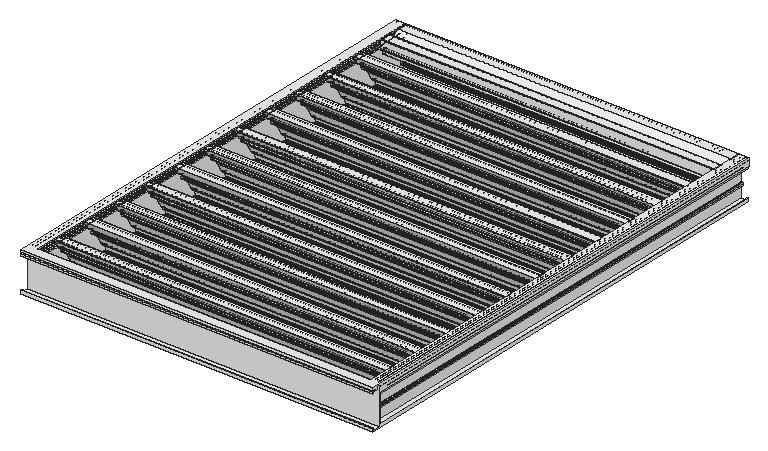
Revit family "All-Lite_EFD-437-FL_R17", category Mechanical Equipment, host Face, Revit 2020
Family settings
  Host = Face
  Round Connector Dimension = Use Diameter
  Part Type = Normal
  Cut with Voids When Loaded = No
  Shared = No
  Room Calculation Point = No
Parameters (values of type "36" x 48"")
  Width Control = if(Width < 12", 12", Width)  # 36"
  Width = 36"
  Wall Depth [instance] = 12"
  Velocity @ 0.15 in. wg. Pressure Loss = "1020 fpm"  # constant formula
  URL = "https://www.alllite.com/"
  Pressure Loss = ".16 in. wg"  # constant formula
  Screen = "1/2'' x 0.063'' expanded and flattened aluminum."  # constant formula
  Product URL = "https://www.alllite.com/media/resource/EFD437FL.pdf"
  Revit Components [instance] = "www.commensestudio.com"
  Mullion = "Visible"  # constant formula
  Modeled By = "Commense Studio"  # constant formula
  Model = "EFD-437-FL"  # constant formula
  Maximum Size = "60'' x 120''"  # constant formula
  Louver Placement from Face [instance] = 1"
  Height Control = if(Height < 12", 12", Height)  # 48"
  Free Area Velocity = "1029 fpm"  # constant formula
  Florida Building Code Approval (2020-FBC) = "No. FL32509"  # constant formula
  Design Load = "Up to 250 psf"  # constant formula
  Air Volume Delivered = "9105 cfm"  # constant formula
  Material = "Mill finish 6063 extruded aluminum."  # constant formula
  Manufacturer = "All-Lite"  # constant formula
  Aluminum [instance] = Aluminum
  Blade Width = Width - 2"  # 34"
  Frame = "4'' deep x 0.081'' thick channel."  # constant formula
  Description = "The EFD-437-FL louver is designed to prevent water penetration\nin non-wind-driven rain applications by collecting water in frame\nand blade gutters and channeling it into downspouts and away\nfrom airflow paths. The design is engineered and tested to\nwithstand extreme loads, debris impact, and cyclic fatigue\nassociated with the severe weather effects of hurricanes (Florida\nBuilding Code approval No. FL32498). The EFD-437-FL is AMCA\n540 listed, making it ideally suited for use in hurricane-prone and\nwindborne debris regions as per the International Building Code.\nIn addition, the EFD-437-FL is a UL Classified Windstorm Rated\nAssembly with design pressures up to 250 psf (depending on\nsection size)."  # constant formula
  Height = 48"
  Depth = 4"  # constant formula
  Default Elevation = 0"
  Minimum Size = "12'' x 12'"  # constant formula
  Blades = "37° x 0.081'' thick J- style."  # constant formula
  Assembly Code = "B3020300"
  Array Control 2 = if(Array Control 1 < 2, 2, Array Control 1)  # 11
  Array Control 1 = (Height - 9 23/32") / 3 1/2"  # 11
Types (2): name | Width Control | Width | URL | Product URL | Height Control | Blade Width | Height | Array Control 2 | Array Control 1
  60" x 120" | 60" | 60" | "https://www.pottorff.com/" | "" | 120" | 58" | 120" | 32 | 32
  36" x 48" | 36" | 36" | "https://www.alllite.com/" | "https://www.alllite.com/media/resource/EFD437FL.pdf" | 48" | 34" | 48" | 11 | 11
Reference planes (in)
  plane 1 "Center (Front/Back)": y = 0
  plane 2: z = 0
  plane 3 "Center (Left/Right)": x = 0
  plane 4 "L": x = -18
  plane 5 "R": x = 18
  plane 6 "B": y = 24
  plane 7 "F": y = -24
  plane 8 "Framing Sweeps": z = -1
  plane 9: x = -17
  plane 10: x = 17
  plane 11 "blade": z = -1.081
  plane 12: y = -21
  plane 13: y = 20.7965
  plane 14: y = 17.2965
  plane 15: z = -5.4937
  plane 16: z = -12
Forms (in)
  Sweep 1, solid, material "Aluminum" <- "Aluminum"
    path origin (0, 0, -1) x (-1, 0, 0) y (0, -1, 0)
      loop
        line (18, 24) -> (-18, 24)
    profile origin (0, -24, -1) x (0, 1, 0) y (0, 0, 1)
      loop
        line (0.984, -3.919) -> (0.984, 0) -> (0, 0) -> (0, -0.206) -> (0.065, -0.206)
        arc (0.065, -0.206) -> (0.07568, -0.17511) -> (0.10563, -0.162) r 0.04076
        line (0.10563, -0.162) -> (0.181, -0.162) -> (0.181, -0.081) -> (0.309, -0.081) -> (0.309, -0.162) -> (0.4005, -0.162) -> (0.4005, -0.305) -> (0, -0.305) -> (0, -0.5625) -> (0.081, -0.5625) -> (0.081, -0.386) -> (0.4815, -0.386) -> (0.4815, -0.081) -> (0.903, -0.081) -> (0.903, -3.919) -> (0.081, -3.919) -> (0.081, -3.6875) -> (0, -3.6875) -> (0, -4) -> (3.984, -4) -> (3.984, -3.919) -> (0.984, -3.919)
  Sweep 2, solid, material "Aluminum" <- "Aluminum"
    path origin (0, 0, -1) x (-1, 0, 0) y (0, -1, 0)
      loop
        line (17, -24) -> (-17, -24)
    profile origin (0, 24, -1) x (0, 1, 0) y (0, 0, 1)
      loop
        line (0, -4) -> (0, -0.213) -> (-0.401, -0.213) -> (-0.401, -0.07) -> (-0.09873, -0.07)
        arc (-0.09873, -0.07) -> (-0.08447, -0.07703) -> (-0.08138, -0.09263) r 0.01796
        arc (-0.08138, -0.09263) -> (-0.07846, -0.10736) -> (-0.065, -0.114) r 0.01697
        line (-0.065, -0.114) -> (0, -0.114) -> (0, 0) -> (-0.99667, 0) -> (-1.696, -0.69933) -> (-1.63872, -0.7566) -> (-0.96312, -0.081) -> (-0.482, -0.081) -> (-0.482, -0.294) -> (-0.081, -0.294) -> (-0.081, -0.812) -> (-0.29327, -0.812)
        arc (-0.29327, -0.812) -> (-0.33377, -0.8525) -> (-0.29327, -0.893) r 0.0405
        line (-0.29327, -0.893) -> (-0.1249, -0.893)
        arc (-0.1249, -0.893) -> (-0.0809, -0.937) -> (-0.1249, -0.981) r 0.044
        line (-0.1249, -0.981) -> (-0.59685, -0.981)
        arc (-0.59685, -0.981) -> (-0.56224, -0.94639) -> (-0.59685, -0.91177) r 0.03461
        line (-0.59685, -0.91177) -> (-0.90713, -0.91177)
        arc (-0.90713, -0.91177) -> (-0.92864, -0.90877) -> (-0.9485, -0.9) r 0.07856
        line (-0.9485, -0.9) -> (-3.1065, -0.9) -> (-3.1065, -0.081) -> (-2.2275, -0.081)
        arc (-2.2275, -0.081) -> (-2.187, -0.0405) -> (-2.2275, 0) r 0.0405
        line (-2.2275, 0) -> (-3.14844, 0)
        arc (-3.14844, 0) -> (-3.17606, -0.01144) -> (-3.1875, -0.03906) r 0.03906
        line (-3.1875, -0.03906) -> (-3.1875, -0.94378)
        arc (-3.1875, -0.94378) -> (-3.1766, -0.9701) -> (-3.15028, -0.981) r 0.03722
        line (-3.15028, -0.981) -> (-2.89238, -0.981)
        arc (-2.89238, -0.981) -> (-2.86453, -0.99253) -> (-2.853, -1.02038) r 0.03938
        line (-2.853, -1.02038) -> (-2.853, -1.13575)
        arc (-2.853, -1.13575) -> (-2.85952, -1.15736) -> (-2.87691, -1.17175) r 0.03906
        arc (-2.87691, -1.17175) -> (-2.97427, -1.2875) -> (-2.93733, -1.43417) r 0.166
        arc (-2.93733, -1.43417) -> (-2.88042, -1.43766) -> (-2.87642, -1.38078) r 0.0405
        arc (-2.87642, -1.38078) -> (-2.8125, -1.23975) -> (-2.74858, -1.38078) r 0.085
        arc (-2.74858, -1.38078) -> (-2.74482, -1.43793) -> (-2.68767, -1.43417) r 0.0405
        arc (-2.68767, -1.43417) -> (-2.65073, -1.2875) -> (-2.74809, -1.17175) r 0.166
        arc (-2.74809, -1.17175) -> (-2.76548, -1.15736) -> (-2.772, -1.13575) r 0.03906
        line (-2.772, -1.13575) -> (-2.772, -1.01598)
        arc (-2.772, -1.01598) -> (-2.76176, -0.99124) -> (-2.73702, -0.981) r 0.03498
        line (-2.73702, -0.981) -> (-1.89304, -0.981)
        arc (-1.89304, -0.981) -> (-1.86473, -0.99273) -> (-1.853, -1.02104) r 0.04004
        line (-1.853, -1.02104) -> (-1.853, -1.12468)
        arc (-1.853, -1.12468) -> (-1.8616, -1.15456) -> (-1.88475, -1.1753) r 0.05622
        arc (-1.88475, -1.1753) -> (-1.97518, -1.29171) -> (-1.93733, -1.43417) r 0.166
        arc (-1.93733, -1.43417) -> (-1.88042, -1.43766) -> (-1.87642, -1.38078) r 0.0405
        arc (-1.87642, -1.38078) -> (-1.8125, -1.23975) -> (-1.74858, -1.38078) r 0.085
        arc (-1.74858, -1.38078) -> (-1.74458, -1.43766) -> (-1.68767, -1.43417) r 0.0405
        arc (-1.68767, -1.43417) -> (-1.65054, -1.28834) -> (-1.74651, -1.17243) r 0.166
        arc (-1.74651, -1.17243) -> (-1.76506, -1.15683) -> (-1.772, -1.13361) r 0.04231
        line (-1.772, -1.13361) -> (-1.772, -1.02489)
        arc (-1.772, -1.02489) -> (-1.75914, -0.99386) -> (-1.7281, -0.981) r 0.04389
        line (-1.7281, -0.981) -> (-0.831, -0.981) -> (-0.831, -1.062) -> (-0.55649, -1.062)
        arc (-0.55649, -1.062) -> (-0.52821, -1.07371) -> (-0.5165, -1.10199) r 0.03999
        line (-0.5165, -1.10199) -> (-0.5165, -1.17239)
        arc (-0.5165, -1.17239) -> (-0.52274, -1.19295) -> (-0.53936, -1.20657) r 0.03697
        arc (-0.53936, -1.20657) -> (-0.63762, -1.32211) -> (-0.60095, -1.46928) r 0.166
        arc (-0.60095, -1.46928) -> (-0.5438, -1.47311) -> (-0.53998, -1.41596) r 0.0405
        arc (-0.53998, -1.41596) -> (-0.476, -1.275) -> (-0.41202, -1.41596) r 0.085
        arc (-0.41202, -1.41596) -> (-0.4082, -1.47311) -> (-0.35105, -1.46928) r 0.0405
        arc (-0.35105, -1.46928) -> (-0.31411, -1.32328) -> (-0.41042, -1.2075) r 0.166
        arc (-0.41042, -1.2075) -> (-0.42867, -1.19222) -> (-0.4355, -1.16942) r 0.04145
        line (-0.4355, -1.16942) -> (-0.4355, -1.10206)
        arc (-0.4355, -1.10206) -> (-0.42377, -1.07373) -> (-0.39544, -1.062) r 0.04006
        line (-0.39544, -1.062) -> (-0.12312, -1.062)
        arc (-0.12312, -1.062) -> (-0.09334, -1.07434) -> (-0.081, -1.10412) r 0.04212
        line (-0.081, -1.10412) -> (-0.081, -3.30616)
        arc (-0.081, -3.30616) -> (-0.09223, -3.33327) -> (-0.11934, -3.3445) r 0.03834
        line (-0.11934, -3.3445) -> (-0.28768, -3.3445)
        arc (-0.28768, -3.3445) -> (-0.30878, -3.33811) -> (-0.32279, -3.3211) r 0.03804
        arc (-0.32279, -3.3211) -> (-0.43839, -3.22332) -> (-0.58528, -3.26005) r 0.166
        arc (-0.58528, -3.26005) -> (-0.58911, -3.3172) -> (-0.53196, -3.32102) r 0.0405
        arc (-0.53196, -3.32102) -> (-0.391, -3.385) -> (-0.53196, -3.44898) r 0.085
        arc (-0.53196, -3.44898) -> (-0.58911, -3.4528) -> (-0.58528, -3.50995) r 0.0405
        arc (-0.58528, -3.50995) -> (-0.43875, -3.54677) -> (-0.32307, -3.44957) r 0.166
        arc (-0.32307, -3.44957) -> (-0.30856, -3.43206) -> (-0.28679, -3.4255) r 0.03939
        line (-0.28679, -3.4255) -> (-0.12037, -3.4255)
        arc (-0.12037, -3.4255) -> (-0.09253, -3.43703) -> (-0.081, -3.46487) r 0.03937
        line (-0.081, -3.46487) -> (-0.081, -3.88124)
        arc (-0.081, -3.88124) -> (-0.09206, -3.90794) -> (-0.11876, -3.919) r 0.03776
        line (-0.11876, -3.919) -> (-0.75, -3.919) -> (-0.75, -4) -> (0, -4)
  Sweep 3, solid, material "Aluminum" <- "Aluminum"
    path origin (0, 0, -1) x (-1, 0, 0) y (0, -1, 0)
      loop
        line (18, -24) -> (18, 23.016)
    profile "Profile - Vertical Frame 1 : Profile - Vertical Frame 1" origin (-18, 0.492, -1) x (1, 0, 0) y (0, 0, 1)
      loop
        line (1, 0) -> (0, 0) -> (0, -0.206) -> (0.065, -0.206) -> (0.065, -0.162) -> (0.181, -0.162) -> (0.181, -0.081) -> (0.309, -0.081) -> (0.309, -0.162) -> (0.4005, -0.162) -> (0.4005, -0.305) -> (0, -0.305) -> (0, -0.84828)
        arc (0, -0.84828) -> (0.06849, -0.99401) -> (0.21422, -1.0625) r 0.23736
        line (0.21422, -1.0625) -> (0.30841, -1.0625)
        arc (0.30841, -1.0625) -> (0.3319, -1.06867) -> (0.34933, -1.08559) r 0.04781
        arc (0.34933, -1.08559) -> (0.40799, -1.09729) -> (0.41433, -1.03782) r 0.0405
        arc (0.41433, -1.03782) -> (0.478, -0.8965) -> (0.54167, -1.03782) r 0.085
        arc (0.54167, -1.03782) -> (0.54984, -1.09855) -> (0.60875, -1.08168) r 0.0405
        arc (0.60875, -1.08168) -> (0.62096, -1.0677) -> (0.63877, -1.0625) r 0.03309
        line (0.63877, -1.0625) -> (0.794, -1.0625) -> (0.794, -2.4465)
        arc (0.794, -2.4465) -> (0.78434, -2.46522) -> (0.76349, -2.4682) r 0.02297
        arc (0.76349, -2.4682) -> (0.67685, -2.46214) -> (0.59901, -2.50067) r 0.166
        arc (0.59901, -2.50067) -> (0.59551, -2.55783) -> (0.65268, -2.56133) r 0.0405
        arc (0.65268, -2.56133) -> (0.794, -2.625) -> (0.65268, -2.68867) r 0.085
        arc (0.65268, -2.68867) -> (0.59551, -2.69217) -> (0.59901, -2.74933) r 0.0405
        arc (0.59901, -2.74933) -> (0.67478, -2.78743) -> (0.75947, -2.78314) r 0.166
        arc (0.75947, -2.78314) -> (0.78314, -2.78698) -> (0.794, -2.80836) r 0.02648
        line (0.794, -2.80836) -> (0.794, -3.919) -> (0.081, -3.919) -> (0.081, -3.728)
        arc (0.081, -3.728) -> (0.0405, -3.6875) -> (0, -3.728) r 0.0405
        line (0, -3.728) -> (0, -4) -> (0.875, -4) -> (0.875, -0.9815) -> (0.66593, -0.9815)
        arc (0.66593, -0.9815) -> (0.65045, -0.97564) -> (0.64273, -0.96101) r 0.02338
        arc (0.64273, -0.96101) -> (0.47961, -0.81551) -> (0.3137, -0.95782) r 0.166
        arc (0.3137, -0.95782) -> (0.30444, -0.97476) -> (0.28636, -0.9815) r 0.02762
        line (0.28636, -0.9815) -> (0.23632, -0.9815)
        arc (0.23632, -0.9815) -> (0.12649, -0.93601) -> (0.081, -0.82618) r 0.15532
        line (0.081, -0.82618) -> (0.081, -0.386) -> (0.4815, -0.386) -> (0.4815, -0.081) -> (0.794, -0.081) -> (0.794, -0.21761)
        arc (0.794, -0.21761) -> (0.8345, -0.25811) -> (0.875, -0.21761) r 0.0405
        line (0.875, -0.21761) -> (0.875, -0.081) -> (1, -0.081) -> (1, 0)
  Sweep 4, solid, material "Aluminum" <- "Aluminum"
    path origin (0, 0, -1) x (-1, 0, 0) y (0, -1, 0)
      loop
        line (-18, -24) -> (-18, 23.016)
    profile "Profile - Vertical Frame 1 : Profile - Vertical Frame 1" origin (18, 0.492, -1) x (1, 0, 0) y (0, 0, 1)
      loop
        line (-1, 0) -> (-1, -0.081) -> (-0.875, -0.081) -> (-0.875, -0.21761)
        arc (-0.875, -0.21761) -> (-0.8345, -0.25811) -> (-0.794, -0.21761) r 0.0405
        line (-0.794, -0.21761) -> (-0.794, -0.081) -> (-0.4815, -0.081) -> (-0.4815, -0.386) -> (-0.081, -0.386) -> (-0.081, -0.82618)
        arc (-0.081, -0.82618) -> (-0.12649, -0.93601) -> (-0.23632, -0.9815) r 0.15532
        line (-0.23632, -0.9815) -> (-0.28636, -0.9815)
        arc (-0.28636, -0.9815) -> (-0.30444, -0.97476) -> (-0.3137, -0.95782) r 0.02762
        arc (-0.3137, -0.95782) -> (-0.47961, -0.81551) -> (-0.64273, -0.96101) r 0.166
        arc (-0.64273, -0.96101) -> (-0.65045, -0.97564) -> (-0.66593, -0.9815) r 0.02338
        line (-0.66593, -0.9815) -> (-0.875, -0.9815) -> (-0.875, -4) -> (0, -4) -> (0, -3.728)
        arc (0, -3.728) -> (-0.0405, -3.6875) -> (-0.081, -3.728) r 0.0405
        line (-0.081, -3.728) -> (-0.081, -3.919) -> (-0.794, -3.919) -> (-0.794, -2.80836)
        arc (-0.794, -2.80836) -> (-0.78314, -2.78698) -> (-0.75947, -2.78314) r 0.02648
        arc (-0.75947, -2.78314) -> (-0.67478, -2.78743) -> (-0.59901, -2.74933) r 0.166
        arc (-0.59901, -2.74933) -> (-0.59551, -2.69217) -> (-0.65268, -2.68867) r 0.0405
        arc (-0.65268, -2.68867) -> (-0.794, -2.625) -> (-0.65268, -2.56133) r 0.085
        arc (-0.65268, -2.56133) -> (-0.59551, -2.55783) -> (-0.59901, -2.50067) r 0.0405
        arc (-0.59901, -2.50067) -> (-0.67685, -2.46214) -> (-0.76349, -2.4682) r 0.166
        arc (-0.76349, -2.4682) -> (-0.78434, -2.46522) -> (-0.794, -2.4465) r 0.02297
        line (-0.794, -2.4465) -> (-0.794, -1.0625) -> (-0.63877, -1.0625)
        arc (-0.63877, -1.0625) -> (-0.62096, -1.0677) -> (-0.60875, -1.08168) r 0.03309
        arc (-0.60875, -1.08168) -> (-0.54984, -1.09855) -> (-0.54167, -1.03782) r 0.0405
        arc (-0.54167, -1.03782) -> (-0.478, -0.8965) -> (-0.41433, -1.03782) r 0.085
        arc (-0.41433, -1.03782) -> (-0.40799, -1.09729) -> (-0.34933, -1.08559) r 0.0405
        arc (-0.34933, -1.08559) -> (-0.3319, -1.06867) -> (-0.30841, -1.0625) r 0.04781
        line (-0.30841, -1.0625) -> (-0.21422, -1.0625)
        arc (-0.21422, -1.0625) -> (-0.06849, -0.99401) -> (0, -0.84828) r 0.23736
        line (0, -0.84828) -> (0, -0.305) -> (-0.4005, -0.305) -> (-0.4005, -0.162) -> (-0.309, -0.162) -> (-0.309, -0.081) -> (-0.181, -0.081) -> (-0.181, -0.162) -> (-0.065, -0.162) -> (-0.065, -0.206) -> (0, -0.206) -> (0, 0) -> (-1, 0)
  Extrusion 5, void
    sketch origin (10.61611, 0, 0) x (0, 0, 1) y (0, -1, 0)
      loop
        line (0, 24) -> (-12, 24) -> (-12, -24) -> (0, -24) -> (0, 24)
    from -28.61611 to 7.38389
Cuts and joins
  joined: Sweep 1, Sweep 3, Sweep 4
Lines and regions (in)
  symbolic lines
    curve 1: line (-18, 24, -1) -> (18, 24, -1)
    curve 2: line (-18, -24, -1) -> (-18, 24, -1)
    curve 3: line (18, -24, -1) -> (-18, -24, -1)
    curve 4: line (18, 24, -1) -> (18, -24, -1)
    curve 5: line (-17.5, 23.5, -1) -> (17.5, 23.5, -1)
    curve 6: line (17.5, 23.5, -1) -> (17.5, -23.5, -1)
    curve 7: line (17.5, -23.5, -1) -> (-17.5, -23.5, -1)
    curve 8: line (-17.5, -23.5, -1) -> (-17.5, 23.5, -1)
Dimensions and locks (in)
  equal spacing: plane 4 "L", plane 3 "Center (Left/Right)", plane 5 "R"
  "Width Control": plane 4 "L" to plane 5 "R"
  equal spacing: plane 7 "F", plane 1 "Center (Front/Back)", plane 6 "B"
  "Height Control": plane 7 "F" to plane 6 "B"
  "Louver Placement from Face": level to plane 8 "Framing Sweeps"
  plane 4 "L" to plane 9 = 1"
  plane 10 to plane 5 "R" = 1"
  locked: plane 7 "F" to plane 12 at 3
  locked: plane 13 to plane 6 "B" at 3.2035
  locked: plane 14 to plane 13 at 3.5
  locked: plane 8 "Framing Sweeps" to plane 11 "blade" at 0.081
  "Wall Depth": level to plane 16
  equal spacing: group 1, group 3, group 4, group 5, group 6, group 7, group 8, group 9, group 10, group 11, group 2  (x3)
  aligned and locked: plane 2 to host face
  aligned and locked: level to host face
  aligned and locked: plane 6 "B" to Sweep 2 sketch curve
  aligned and locked: Sweep 4 sketch curve to plane 5 "R"
  aligned and locked: plane 9 to Sweep 2 sketch curve
  aligned and locked: Sweep 2 sketch curve to plane 10
  aligned and locked: plane 16 to host face
  aligned and locked: plane 16 to Extrusion 5
  aligned and locked: plane 7 "F" to Extrusion 5
  aligned and locked: Extrusion 5 to plane 4 "L"
  aligned and locked: plane 5 "R" to Extrusion 5
  aligned and locked: plane 12 to nested 1
  aligned and locked: plane 14 to nested 2
Automatic sketch dimensions
  host sketch curve to host sketch curve = 96"
  host sketch curve to host sketch curve = 158.30898"
  curve 1 to plane 5 "R" = 0"
  curve 2 to plane 4 "L" = 0"
  plane 6 "B" to curve 1 = 0"
  plane 7 "F" to curve 3 = 0"
  curve 7 to plane 5 "R" = 1/2"
  plane 4 "L" to curve 7 = 1/2"
  plane 6 "B" to curve 5 = 1/2"
  curve 8 to plane 7 "F" = 1/2"
  Sweep 2 sketch curve to Sweep 2 sketch curve = 0"  (x36)
  Sweep 2 sketch curve to profile plane = 0"  (x2)
  profile plane to Sweep 2 sketch curve = 0.065"
  profile plane to Sweep 2 sketch curve = 0.081"  (x3)
  Sweep 2 sketch curve to Sweep 2 sketch curve = 0.03373"
  Sweep 2 sketch curve to Sweep 2 sketch curve = 0.03776"
  Sweep 2 sketch curve to Sweep 2 sketch curve = 0.03834"
  Sweep 2 sketch curve to Sweep 2 sketch curve = 0.03937"
  Sweep 2 sketch curve to Sweep 2 sketch curve = 0.04212"
  profile plane to Sweep 2 sketch curve = 0.1249"
  Sweep 2 sketch curve to Sweep 2 sketch curve = 0.16642"
  Sweep 2 sketch curve to Sweep 2 sketch curve = 0.00089"
  Sweep 2 sketch curve to Sweep 2 sketch curve = 0.16837"
  profile plane to Sweep 2 sketch curve = 0.38153"
  Sweep 2 sketch curve to Sweep 2 sketch curve = 0.01251"
  Sweep 2 sketch curve to Sweep 2 sketch curve = 0.00139"
  Sweep 2 sketch curve to plane 8 "Framing Sweeps" = 0.07"
  Sweep 2 sketch curve to Sweep 2 sketch curve = 0.30227"
  Sweep 2 sketch curve to Sweep 2 sketch curve = 0.04006"
  Sweep 2 sketch curve to Sweep 2 sketch curve = 0.09447"  (x4)
  Sweep 2 sketch curve to Sweep 2 sketch curve = 0.18832"
  Sweep 2 sketch curve to Sweep 2 sketch curve = 0.081"  (x8)
  Sweep 2 sketch curve to Sweep 2 sketch curve = 0.03697"
  Sweep 2 sketch curve to Sweep 2 sketch curve = 0.03999"
  Sweep 2 sketch curve to Sweep 2 sketch curve = 0.08262"  (x4)
  Sweep 2 sketch curve to Sweep 2 sketch curve = 0.04036"
  Sweep 2 sketch curve to Sweep 2 sketch curve = 0.19138"
  Sweep 2 sketch curve to Sweep 2 sketch curve = 0.23415"
  Sweep 2 sketch curve to Sweep 2 sketch curve = 0.07613"
  Sweep 2 sketch curve to Sweep 2 sketch curve = 0.04136"
  Sweep 2 sketch curve to plane 8 "Framing Sweeps" = 0.081"  (x2)
  Sweep 2 sketch curve to Sweep 2 sketch curve = 0.48112"
  plane 8 "Framing Sweeps" to Sweep 2 sketch curve = 0"
  Sweep 2 sketch curve to Sweep 2 sketch curve = 0.03355"
  Sweep 2 sketch curve to plane 8 "Framing Sweeps" = 0.7566"
  Sweep 2 sketch curve to Sweep 2 sketch curve = 0.69022"
  Sweep 2 sketch curve to plane 8 "Framing Sweeps" = 0.69933"
  Sweep 2 sketch curve to Sweep 2 sketch curve = 0.05728"
  Sweep 2 sketch curve to Sweep 2 sketch curve = 0.07916"
  Sweep 2 sketch curve to Sweep 2 sketch curve = 0.08938"
  Sweep 2 sketch curve to Sweep 2 sketch curve = 0.00159"
  Sweep 2 sketch curve to Sweep 2 sketch curve = 0.04231"
  Sweep 2 sketch curve to Sweep 2 sketch curve = 0.09462"  (x3)
  Sweep 2 sketch curve to Sweep 2 sketch curve = 0.04004"
  Sweep 2 sketch curve to Sweep 2 sketch curve = 0.05622"
  Sweep 2 sketch curve to Sweep 2 sketch curve = 0.5315"
  Sweep 2 sketch curve to Sweep 2 sketch curve = 0.81101"
  Sweep 2 sketch curve to Sweep 2 sketch curve = 0.01481"
  Sweep 2 sketch curve to Sweep 2 sketch curve = 0.00408"
  Sweep 2 sketch curve to Sweep 2 sketch curve = 5/128"  (x3)
  Sweep 2 sketch curve to Sweep 2 sketch curve = 0.09438"
  Sweep 2 sketch curve to Sweep 2 sketch curve = 0.03938"  (x2)
  Sweep 2 sketch curve to Sweep 2 sketch curve = 0.21412"
  Sweep 2 sketch curve to Sweep 2 sketch curve = 0.04194"
  Sweep 2 sketch curve to Sweep 2 sketch curve = 0.04378"  (x2)
  Sweep 2 sketch curve to Sweep 2 sketch curve = 0.742"
  Sweep 2 sketch curve to Sweep 2 sketch curve = 0.02122"
  Sweep 2 sketch curve to Sweep 2 sketch curve = 0.0405"
  Sweep 2 sketch curve to Sweep 2 sketch curve = 0.819"
  Sweep 2 sketch curve to Sweep 2 sketch curve = 0.044"  (x2)
  Sweep 2 sketch curve to Sweep 2 sketch curve = 0.2244"
  Sweep 2 sketch curve to Sweep 2 sketch curve = 0.10364"
  Sweep 2 sketch curve to Sweep 2 sketch curve = 0.10871"
  Sweep 2 sketch curve to Sweep 2 sketch curve = 0.11977"
  Sweep 2 sketch curve to Sweep 2 sketch curve = 0.11537"
  Sweep 2 sketch curve to Sweep 2 sketch curve = 0.06736"
  Sweep 2 sketch curve to Sweep 2 sketch curve = 0.0704"
  Sweep 2 sketch curve to Sweep 2 sketch curve = 0.189"
  Sweep 2 sketch curve to Sweep 2 sketch curve = 0.19114"
  Sweep 2 sketch curve to Sweep 2 sketch curve = 0.18761"
  Sweep 2 sketch curve to Sweep 2 sketch curve = 0.08245"  (x3)
  Sweep 2 sketch curve to Sweep 2 sketch curve = 0.08272"
  Sweep 2 sketch curve to Sweep 2 sketch curve = 1.84791"
  Sweep 2 sketch curve to Sweep 2 sketch curve = 1/64"
  Sweep 2 sketch curve to Sweep 2 sketch curve = 0.03804"
  Sweep 2 sketch curve to Sweep 2 sketch curve = 0.03939"
  Sweep 2 sketch curve to Sweep 2 sketch curve = 0.41638"
  Sweep 2 sketch curve to Sweep 2 sketch curve = 0.11876"
  Sweep 2 sketch curve to Sweep 2 sketch curve = 0.224"
  Sweep 2 sketch curve to Sweep 2 sketch curve = 0.01697"
  Sweep 2 sketch curve to Sweep 2 sketch curve = 0.01796"
  Sweep 2 sketch curve to plane 8 "Framing Sweeps" = 0.0405"
  Sweep 2 sketch curve to Sweep 2 sketch curve = 0.03049"
  Sweep 2 sketch curve to Sweep 2 sketch curve = 0.02666"  (x2)
  Sweep 2 sketch curve to Sweep 2 sketch curve = 0.03022"
  Sweep 2 sketch curve to Sweep 2 sketch curve = 0.0307"  (x3)
  Sweep 2 sketch curve to Sweep 2 sketch curve = 0.03046"
  Sweep 4 sketch curve to plane 6 "B" = 0"
  Sweep 4 sketch curve to plane 7 "F" = 0.984"
  Sweep 3 sketch curve to plane 4 "L" = 0"
  Sweep 3 sketch curve to plane 6 "B" = 0"
  Sweep 3 sketch curve to plane 7 "F" = 0.984"
  Sweep 1 sketch curve to plane 5 "R" = 0"
  Sweep 1 sketch curve to plane 4 "L" = 0"
  plane 7 "F" to Sweep 1 sketch curve = 0"
  Sweep 1 sketch curve to profile plane = 0"  (x3)
  Sweep 1 sketch curve to plane 8 "Framing Sweeps" = 0"
  Sweep 1 sketch curve to Sweep 1 sketch curve = 0.065"
  Sweep 1 sketch curve to Sweep 1 sketch curve = 0.081"  (x7)
  Sweep 1 sketch curve to profile plane = 0.081"
  Sweep 1 sketch curve to Sweep 1 sketch curve = 0.04063"
  Sweep 1 sketch curve to Sweep 1 sketch curve = 0.07537"
  Sweep 1 sketch curve to Sweep 1 sketch curve = 0.128"
  Sweep 1 sketch curve to Sweep 1 sketch curve = 0.0915"
  Sweep 1 sketch curve to Sweep 1 sketch curve = 0.822"
  Sweep 1 sketch curve to Sweep 1 sketch curve = 3"
  Sweep 1 sketch curve to plane 8 "Framing Sweeps" = 0.081"  (x2)
  Sweep 1 sketch curve to Sweep 1 sketch curve = 0.04076"
  Sweep 1 sketch curve to Sweep 1 sketch curve = 0.099"
  Sweep 1 sketch curve to Sweep 1 sketch curve = 0.1765"
  Sweep 1 sketch curve to Sweep 1 sketch curve = 3 1/8"
  Sweep 1 sketch curve to Sweep 1 sketch curve = 0.2315"
  Sweep 1 sketch curve to Sweep 1 sketch curve = 0"
  Extrusion 5 sketch curve to level = 0"
  Extrusion 5 sketch curve to plane 6 "B" = 0"
  Extrusion 5 sketch curve to plane 11 "blade" = 10.919"
  Extrusion 5 sketch curve to plane 14 = 41.2965"
Nested families (in)
  nested 1: "Blade_J-Style 4in_37 deg" at (0, -21, -1.081), type "Blade_J-Style 4in_37 deg"
    with W 34"
  nested 2: "Blade_J-Style 4in_37 deg" at (0, 17.2965, -1.081), type "Blade_J-Style 4in_37 deg"
    with W 34"
  nested 3: "Blade_J-Style 4in_37 deg" at (0, -17.17035, -1.081), type "Blade_J-Style 4in_37 deg"
    with W 34"
  nested 4: "Blade_J-Style 4in_37 deg" at (0, -13.3407, -1.081), type "Blade_J-Style 4in_37 deg"
    with W 34"
  nested 5: "Blade_J-Style 4in_37 deg" at (0, -9.51105, -1.081), type "Blade_J-Style 4in_37 deg"
    with W 34"
  nested 6: "Blade_J-Style 4in_37 deg" at (0, -5.6814, -1.081), type "Blade_J-Style 4in_37 deg"
    with W 34"
  nested 7: "Blade_J-Style 4in_37 deg" at (0, -1.85175, -1.081), type "Blade_J-Style 4in_37 deg"
    with W 34"
  nested 8: "Blade_J-Style 4in_37 deg" at (0, 1.9779, -1.081), type "Blade_J-Style 4in_37 deg"
    with W 34"
  nested 9: "Blade_J-Style 4in_37 deg" at (0, 5.80755, -1.081), type "Blade_J-Style 4in_37 deg"
    with W 34"
  nested 10: "Blade_J-Style 4in_37 deg" at (0, 9.6372, -1.081), type "Blade_J-Style 4in_37 deg"
    with W 34"
  nested 11: "Blade_J-Style 4in_37 deg" at (0, 13.46685, -1.081), type "Blade_J-Style 4in_37 deg"
    with W 34"
Connectors (in)
  hvac at (0, 0, -1), driven by "Height", driven by "Width"
    settings: index 1, duct flow 0 CFM, flow factor 0, pres drop 0.00 in-wg, loss coef 0, conn angle 0.00°, conn width 36", conn height 48", conn diameter 24", duct sys type 1, conn prof type 1, flow config 0, flow direction 0, loss method 0, conn ref index -1, conn util no, is conn primary yes, conn desc ""
Definition of nested family "Blade_J-Style 4in_37 deg"
  Parameters (values of type "Blade_J-Style 4in_37 deg")
    W = 58"
    Louver = none
    Default Elevation = 0"
    Blade = none
    Assembly Code = ""
  Reference planes (in)
    plane 1 "Center (Front/Back)": y = 0
    plane 2: z = 0
    plane 3 "Center (Left/Right)": x = 0
    plane 4: x = -29
    plane 5: x = 29
    plane 6: z = 0
    plane 7: y = 3.5
  Forms (in)
    Sweep 1, solid, material <- "Blade"
      path origin (0, 0, 0) x (1, 0, 0) y (0, 0, -1)
        loop
          line (-29, 0) -> (29, 0)
      profile origin (0, 0, 0) x (0, 0, -1) y (0, 1, 0)
        loop
          arc (3.77671, 3.47197) -> (3.80976, 3.47989) -> (3.829, 3.45189) r 0.03
          line (3.829, 3.45189) -> (3.829, 2.99875)
          arc (3.829, 2.99875) -> (3.82168, 2.97552) -> (3.80235, 2.96069) r 0.0405
          line (3.80235, 2.96069) -> (2.83665, 2.6092)
          arc (2.83665, 2.6092) -> (2.81025, 2.56665) -> (2.84539, 2.53097) r 0.0405
          arc (2.84539, 2.53097) -> (2.86948, 2.51886) -> (2.88063, 2.49431) r 0.0405
          arc (2.88063, 2.49431) -> (2.89068, 2.45017) -> (2.91228, 2.41039) r 0.166
          arc (2.91228, 2.41039) -> (2.91929, 2.37809) -> (2.8999, 2.35132) r 0.0405
          line (2.8999, 2.35132) -> (2.17781, 1.93442) -> (0.96495, 1.00376)
          arc (0.96495, 1.00376) -> (0.91712, 0.94548) -> (0.9, 0.87206) r 0.166
          line (0.9, 0.87206) -> (0.9, 0.75833)
          arc (0.9, 0.75833) -> (0.8904, 0.71908) -> (0.86375, 0.6887) r 0.085
          line (0.86375, 0.6887) -> (0.14473, 0.18523)
          arc (0.14473, 0.18523) -> (0.1028, 0.18249) -> (0.081, 0.21841) r 0.0405
          line (0.081, 0.21841) -> (0.081, 0.75875)
          arc (0.081, 0.75875) -> (0.106, 0.79616) -> (0.15014, 0.78738) r 0.0405
          line (0.15014, 0.78738) -> (0.29879, 0.63873)
          arc (0.29879, 0.63873) -> (0.34121, 0.63873) -> (0.34121, 0.68116) r 0.03
          line (0.34121, 0.68116) -> (0.02731, 0.99506)
          arc (0.02731, 0.99506) -> (0.00988, 0.99853) -> (0, 0.98375) r 0.016
          line (0, 0.98375) -> (0, 0.01575)
          arc (0, 0.01575) -> (0.00861, 0.00155) -> (0.02518, 0.00264) r 0.016
          line (0.02518, 0.00264) -> (0.91021, 0.62235)
          arc (0.91021, 0.62235) -> (0.96224, 0.68168) -> (0.981, 0.75833) r 0.166
          line (0.981, 0.75833) -> (0.981, 0.87206)
          arc (0.981, 0.87206) -> (0.98977, 0.90966) -> (1.01426, 0.9395) r 0.085
          line (1.01426, 0.9395) -> (1.18228, 1.06843)
          arc (1.18228, 1.06843) -> (1.21654, 1.07564) -> (1.24362, 1.05345) r 0.0405
          arc (1.24362, 1.05345) -> (1.28923, 0.99499) -> (1.35574, 0.96222) r 0.166
          arc (1.35574, 0.96222) -> (1.40448, 0.99229) -> (1.37441, 1.04104) r 0.0405
          arc (1.37441, 1.04104) -> (1.34344, 1.19207) -> (1.47883, 1.1183) r 0.085
          arc (1.47883, 1.1183) -> (1.51665, 1.07529) -> (1.55966, 1.11311) r 0.0405
          arc (1.55966, 1.11311) -> (1.5448, 1.19314) -> (1.49369, 1.25648) r 0.166
          arc (1.49369, 1.25648) -> (1.47751, 1.28865) -> (1.49336, 1.32099) r 0.0405
          line (1.49336, 1.32099) -> (2.21678, 1.87609) -> (3.03946, 2.35107)
          arc (3.03946, 2.35107) -> (3.05923, 2.39236) -> (3.02785, 2.42571) r 0.0405
          arc (3.02785, 2.42571) -> (2.99426, 2.57618) -> (3.13091, 2.50478) r 0.085
          arc (3.13091, 2.50478) -> (3.16947, 2.46244) -> (3.21182, 2.501) r 0.0405
          arc (3.21182, 2.501) -> (3.20643, 2.55139) -> (3.18609, 2.5978) r 0.166
          arc (3.18609, 2.5978) -> (3.18192, 2.63257) -> (3.20642, 2.65759) r 0.0405
          line (3.20642, 2.65759) -> (3.77465, 2.86441)
          arc (3.77465, 2.86441) -> (3.81173, 2.85953) -> (3.829, 2.82635) r 0.0405
          line (3.829, 2.82635) -> (3.829, 2.61938)
          arc (3.829, 2.61938) -> (3.8362, 2.60555) -> (3.85166, 2.60351) r 0.01689
          line (3.85166, 2.60351) -> (3.89208, 2.61822)
          arc (3.89208, 2.61822) -> (3.90507, 2.6282) -> (3.91, 2.64382) r 0.02723
          line (3.91, 2.64382) -> (3.91, 3.60875)
          arc (3.91, 3.60875) -> (3.90139, 3.62294) -> (3.88482, 3.62185) r 0.016
          line (3.88482, 3.62185) -> (3.7362, 3.51779)
          arc (3.7362, 3.51779) -> (3.7308, 3.47219) -> (3.77671, 3.47197) r 0.03078
  Dimensions and locks (in)
    plane 5 to plane 4 = 58"
    equal spacing: plane 4, plane 3 "Center (Left/Right)", plane 5
    "W": plane 4 to plane 5
    aligned and locked: plane 2 to level
  Automatic sketch dimensions
    Sweep 1 sketch curve to plane 4 = 0"
    Sweep 1 sketch curve to plane 5 = 0"
    level to Sweep 1 sketch curve = 0"
    Sweep 1 sketch curve to Sweep 1 sketch curve = 0"  (x26)
    Sweep 1 sketch curve to profile plane = 0"
    Sweep 1 sketch curve to Sweep 1 sketch curve = 0.016"  (x3)
    profile plane to Sweep 1 sketch curve = 0.00264"
    Sweep 1 sketch curve to Sweep 1 sketch curve = 0.00918"  (x2)
    Sweep 1 sketch curve to Sweep 1 sketch curve = 0.01131"
    Sweep 1 sketch curve to profile plane = 0.081"
    Sweep 1 sketch curve to Sweep 1 sketch curve = 0.0405"  (x3)
    Sweep 1 sketch curve to Sweep 1 sketch curve = 0.02323"
    Sweep 1 sketch curve to Sweep 1 sketch curve = 0.02864"
    Sweep 1 sketch curve to Sweep 1 sketch curve = 0.14865"
    Sweep 1 sketch curve to Sweep 1 sketch curve = 0.02121"  (x3)
    Sweep 1 sketch curve to Sweep 1 sketch curve = 0.47379"
    Sweep 1 sketch curve to Sweep 1 sketch curve = 0.04875"
    Sweep 1 sketch curve to Sweep 1 sketch curve = 0.03625"
    Sweep 1 sketch curve to Sweep 1 sketch curve = 0.04646"
    Sweep 1 sketch curve to Sweep 1 sketch curve = 0.06495"
    Sweep 1 sketch curve to Sweep 1 sketch curve = 0.081"
    Sweep 1 sketch curve to Sweep 1 sketch curve = 0.03326"
    Sweep 1 sketch curve to Sweep 1 sketch curve = 0.05174"
    Sweep 1 sketch curve to Sweep 1 sketch curve = 0.16802"
    Sweep 1 sketch curve to Sweep 1 sketch curve = 0.02465"  (x2)
    Sweep 1 sketch curve to Sweep 1 sketch curve = 0.15814"
    Sweep 1 sketch curve to Sweep 1 sketch curve = 0.02893"
    Sweep 1 sketch curve to Sweep 1 sketch curve = 0.09936"
    Sweep 1 sketch curve to Sweep 1 sketch curve = 0.12524"
    Sweep 1 sketch curve to Sweep 1 sketch curve = 0.68445"
    Sweep 1 sketch curve to Sweep 1 sketch curve = 0.03897"
    Sweep 1 sketch curve to Sweep 1 sketch curve = 0.65884"
    Sweep 1 sketch curve to Sweep 1 sketch curve = 0.00363"
    Sweep 1 sketch curve to Sweep 1 sketch curve = 0.01385"  (x5)
    Sweep 1 sketch curve to Sweep 1 sketch curve = 0.03937"
    Sweep 1 sketch curve to Sweep 1 sketch curve = 0.02025"  (x2)
    Sweep 1 sketch curve to Sweep 1 sketch curve = 0.11931"
    Sweep 1 sketch curve to Sweep 1 sketch curve = 0.02679"
    Sweep 1 sketch curve to Sweep 1 sketch curve = 0.12536"
    Sweep 1 sketch curve to Sweep 1 sketch curve = 0.03505"
    Sweep 1 sketch curve to Sweep 1 sketch curve = 0.52978"
    Sweep 1 sketch curve to Sweep 1 sketch curve = 0.01765"
    Sweep 1 sketch curve to Sweep 1 sketch curve = 0.56823"
    Sweep 1 sketch curve to Sweep 1 sketch curve = 0.04515"
    Sweep 1 sketch curve to Sweep 1 sketch curve = 0.03"
    Sweep 1 sketch curve to Sweep 1 sketch curve = 0.01689"
    Sweep 1 sketch curve to Sweep 1 sketch curve = 0.00578"
    Sweep 1 sketch curve to Sweep 1 sketch curve = 0.03688"
    Sweep 1 sketch curve to Sweep 1 sketch curve = 0.05582"
    Sweep 1 sketch curve to Sweep 1 sketch curve = 0.00931"
    profile plane to Sweep 1 sketch curve = 0.18523"
    profile plane to Sweep 1 sketch curve = 0.62235"
    Sweep 1 sketch curve to Sweep 1 sketch curve = 0.42032"
    Sweep 1 sketch curve to Sweep 1 sketch curve = 0.12001"
    Sweep 1 sketch curve to Sweep 1 sketch curve = 0.11373"
    Sweep 1 sketch curve to Sweep 1 sketch curve = 0.225"
    Sweep 1 sketch curve to Sweep 1 sketch curve = 0.12956"
    Sweep 1 sketch curve to Sweep 1 sketch curve = 0.03467"
    Sweep 1 sketch curve to Sweep 1 sketch curve = 0.03213"  (x2)
    Sweep 1 sketch curve to Sweep 1 sketch curve = 0.11408"
    Sweep 1 sketch curve to Sweep 1 sketch curve = 0.12212"
    Sweep 1 sketch curve to Sweep 1 sketch curve = 0.17316"
    Sweep 1 sketch curve to Sweep 1 sketch curve = 0.5551"
    Sweep 1 sketch curve to Sweep 1 sketch curve = 0.05833"
    Sweep 1 sketch curve to Sweep 1 sketch curve = 0.47497"
    Sweep 1 sketch curve to Sweep 1 sketch curve = 0.00026"
    Sweep 1 sketch curve to Sweep 1 sketch curve = 0.03507"  (x2)
    Sweep 1 sketch curve to Sweep 1 sketch curve = 0.1044"
    Sweep 1 sketch curve to Sweep 1 sketch curve = 0.11675"
    Sweep 1 sketch curve to Sweep 1 sketch curve = 0.00585"
    Sweep 1 sketch curve to Sweep 1 sketch curve = 0.08035"
    Sweep 1 sketch curve to Sweep 1 sketch curve = 0.10062"
    Sweep 1 sketch curve to Sweep 1 sketch curve = 0.03806"  (x2)
    Sweep 1 sketch curve to Sweep 1 sketch curve = 0.01471"
    Sweep 1 sketch curve to Sweep 1 sketch curve = 0.11664"
    Sweep 1 sketch curve to Sweep 1 sketch curve = 0.18253"
    Sweep 1 sketch curve to Sweep 1 sketch curve = 0.09628"
    Sweep 1 sketch curve to Sweep 1 sketch curve = 29/64"
    Sweep 1 sketch curve to Sweep 1 sketch curve = 0.04069"
    Sweep 1 sketch curve to Sweep 1 sketch curve = 0.02521"
    Sweep 1 sketch curve to Sweep 1 sketch curve = 0.15686"
